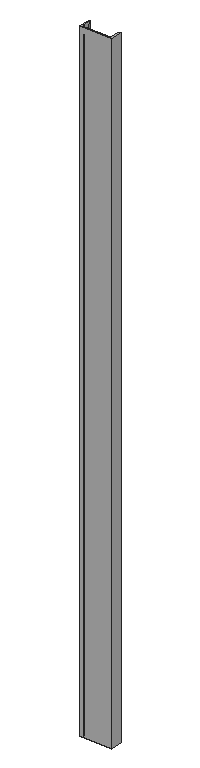
Revit family "28_CC_MOD_kolom_UNP200", category Columns, Revit 2019
Family settings
  OmniClass Number = 23.25.30.11.14.11
  OmniClass Title = Columns
  Cut with Voids When Loaded = No
  Automatically joins geometry to walls = Yes
  Shared = No
  Show family pre-cut in plan views = Yes
Parameters
  Depth = 75 mm
  Width = 200 mm
Reference planes
  plane 1 "Center (Front/Back)": y = 0
  plane 2: z = 0
  plane 3 "Center (Left/Right)": x = 0
  plane 4 "Left": x = -100
  plane 5 "Right": x = 100
  plane 6 "Back": y = 37.5
  plane 7 "Front": y = -37.5
  plane 8: x = -91.5
  plane 9: x = 91.5
  plane 10: y = -26
Forms (mm)
  Extrusion 1, solid, material "28_CCmod_staal"
    sketch origin (0, 0, 0) x (1, 0, 0) y (0, 1, 0)
      loop
        line (-100, 37.5) -> (-100, -37.5) -> (100, -37.5) -> (100, 37.5)
        arc (100, 37.5) -> (94.236, 32.878) -> (91.5, 26.015) r 14.491
        line (91.5, 26.015) -> (91.5, -14.515)
        arc (91.5, -14.515) -> (88.764, -21.378) -> (83, -26) r 14.491
        line (83, -26) -> (-83, -26)
        arc (-83, -26) -> (-88.764, -21.378) -> (-91.5, -14.515) r 14.491
        line (-91.5, -14.515) -> (-91.5, 26.015)
        arc (-91.5, 26.015) -> (-94.236, 32.878) -> (-100, 37.5) r 14.491
    from 0 to 4000
Dimensions and locks
  equal spacing: plane 4 "Left", plane 3 "Center (Left/Right)", plane 5 "Right"
  equal spacing: plane 7 "Front", plane 1 "Center (Front/Back)", plane 6 "Back"
  "Width": plane 4 "Left" to plane 5 "Right"
  "Depth": plane 7 "Front" to plane 6 "Back"
  locked: plane 4 "Left" to plane 8 at 8.5
  locked: plane 9 to plane 5 "Right" at 8.5
  locked: plane 7 "Front" to plane 10 at 11.5
  aligned and locked: level to plane 2
  aligned and locked: plane 4 "Left" to Extrusion 1 sketch curve
  aligned and locked: plane 7 "Front" to Extrusion 1 sketch curve
  aligned and locked: Extrusion 1 sketch curve to plane 5 "Right"
  aligned and locked: level to Extrusion 1
Automatic sketch dimensions
  Extrusion 1 sketch curve to plane 8 = 0 mm
  Extrusion 1 sketch curve to plane 9 = 0 mm
  plane 6 "Back" to Extrusion 1 sketch curve = 0 mm  (x2)
  plane 4 "Left" to Extrusion 1 sketch curve = 5.884 mm
  plane 1 "Center (Front/Back)" to Extrusion 1 sketch curve = 12.758 mm  (x2)
  plane 8 to Extrusion 1 sketch curve = 14.384 mm
  Extrusion 1 sketch curve to plane 9 = 14.384 mm
  Extrusion 1 sketch curve to Extrusion 1 sketch curve = 8.5 mm
  Extrusion 1 sketch curve to plane 5 "Right" = 5.884 mm
  Extrusion 1 sketch curve to Extrusion 1 sketch curve = 13.242 mm  (x2)
  plane 8 to Extrusion 1 sketch curve = 8.5 mm
  Extrusion 1 sketch curve to plane 10 = 0 mm
